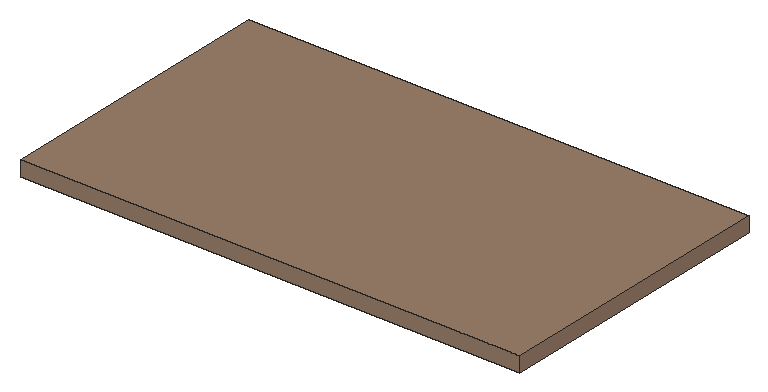
Revit family "Shelf", category Plumbing Fixtures, Revit 2015
Parameters
  Shelf Thickness [instance] = 30 mm
  Shelf Length [instance] = 980 mm
  Shelf Depth [instance] = 560 mm
  Material Shelf = Walnut
  Manufacturer = ""
  Keynote = ""
  Assembly Code = ""
Reference planes
  plane 1 "Center (Front/Back)": y = 0
  plane 2: z = 0
  plane 3 "Center (Left/Right)": x = 24.85
  plane 4: x = -465.15
  plane 5: x = 514.85
  plane 6: y = -560
Forms (mm)
  Extrusion 1, solid, material "Walnut" <- "Material Shelf"
    sketch origin (0, 0, 0) x (1, 0, 0) y (0, 1, 0)
      loop
        line (-465.15, 0) -> (-465.15, -560) -> (514.85, -560) -> (514.85, 0) -> (-465.15, 0)
    from 0 to -30
Lines and regions (mm)
  symbolic lines
    curve 1: line (-465.15, -560, 0) -> (514.85, -560, 0)
    curve 2: line (514.85, -560, 0) -> (514.85, 0, 0)
    curve 3: line (514.85, 0, 0) -> (-465.15, 0, 0)
    curve 4: line (-465.15, 0, 0) -> (-465.15, -560, 0)
Dimensions and locks
  equal spacing: plane 4, plane 3 "Center (Left/Right)", plane 5
  "Shelf Length": plane 4 to plane 5
  "Shelf Depth": plane 6 to plane 1 "Center (Front/Back)"
  "Shelf Thickness": level to Extrusion 1
  aligned and locked: curve 1 to Extrusion 1
  aligned and locked: curve 2 to Extrusion 1
  aligned and locked: curve 3 to Extrusion 1
  aligned and locked: curve 4 to Extrusion 1
Automatic sketch dimensions
  Extrusion 1 sketch curve to plane 4 = 0 mm
  plane 1 "Center (Front/Back)" to Extrusion 1 sketch curve = 0 mm
  Extrusion 1 sketch curve to plane 5 = 0 mm
  plane 6 to Extrusion 1 sketch curve = 0 mm
